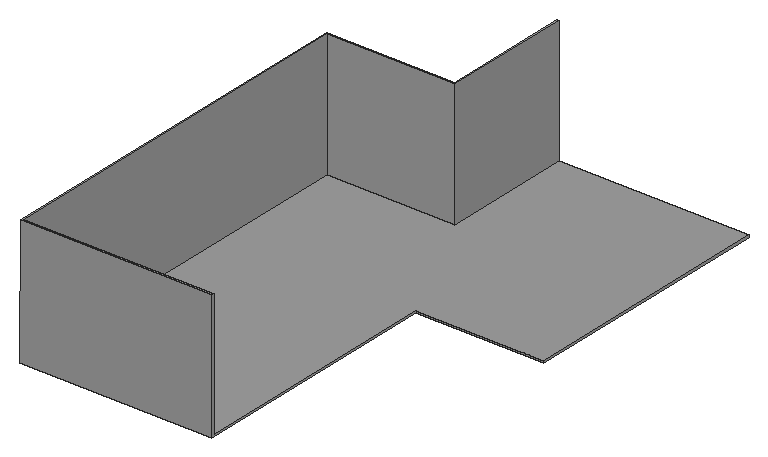
Revit family "Flashing_Preformed_Hyload_6x12Window", category Generic Models, Revit 2013
Parameters (values of type "As Specified")
  Unit Width = 1' - 0"
  Unit Height = 0' - 4"
  Unit Depth = 0' - 6"
  URL = "http://www.hyload.com/"
  Thickness = 0' - 0 1/16"
  Specification = "http://www.arcat.com/sdspecs/htm04/07_65_00hyl.htm"
  Sales Information = "http://www.hyload.com/contact-us"
  Revision = "R1_12-2015"
  Product Properties = "http://www.hyload.com/masonry-flashing/preformed-shapes/"
  Product Data = "http://www.arcat.com/arcatcos/cos33/arc33176.html"
  Model = "6x12 Window"
  Manufacturer Website = "http://www.hyload.com/"
  Manufacturer Phone - Toll Free = "800-457-4056"
  Manufacturer Phone = "330-769-3546"
  Manufacturer Fax = "330-769-4153"
  Manufacturer Address = "5020 Panther Pkwy., Seville, OH 44273"
  Manufacturer = "Hyload"
  Keynote = "07 65 00"
  Flashing Material = Hyload Flashing Membrane - Grey
  Drawn By = "Robert S. Weygant / Sumex Design"
  Description = "Preformed Hyload Masonry Flashing - 6x12 Window"
  Copyright = "(c) ARCAT, Inc, 2015"
  Construction Details = "http://www.arcat.com/details/hyload/hyload.html?coid=33176"
  Assembly Code = "B3010400"
Reference planes (in)
  plane 1 "Center (Front/Back)": y = 0
  plane 2: z = 0
  plane 3 "Center (Left/Right)": x = 0
  plane 4: y = 12
  plane 5: x = 6
  plane 6: z = 4
  plane 7: x = 10
  plane 8: y = 16
  plane 9: x = 4
Forms (in)
  Extrusion 1, solid, material "Hyload Flashing Membrane - Grey" <- "Flashing Material"
    sketch origin (0, 0, 0) x (1, 0, 0) y (0, 1, 0)
      loop
        line (0, 12) -> (0, 0) -> (6, 0) -> (6, 8) -> (10, 8) -> (10, 16) -> (4, 16) -> (4, 12) -> (0, 12)
    from 0 to 0.0625 <- "Thickness"
  Extrusion 2, solid, material "Hyload Flashing Membrane - Grey" <- "Flashing Material"
    sketch origin (0, 0, 0) x (1, 0, 0) y (0, 1, 0)
      loop
        line (0, 12) -> (0, 0) -> (6, 0) -> (6, 0.0625) -> (0.0625, 0.0625) -> (0.0625, 11.9375) -> (4.0625, 11.9375) -> (4.0625, 16) -> (4, 16) -> (4, 12) -> (0, 12)
    from 0 to 4 <- "Unit Height"
Cuts and joins
  joined: Extrusion 1, Extrusion 2
Dimensions and locks (in)
  "Unit Width": plane 1 "Center (Front/Back)" to plane 4
  "Unit Depth": plane 3 "Center (Left/Right)" to plane 5
  "Unit Height": plane 6 to level
  "Thickness": plane 1 "Center (Front/Back)" to Extrusion 2 sketch curve
  "Thickness": plane 3 "Center (Left/Right)" to Extrusion 2 sketch curve
  plane 3 "Center (Left/Right)" to Extrusion 2 = 0' - 6"
  "Thickness": plane 4 to Extrusion 2 sketch curve
  locked: plane 5 to plane 7 at 4
  plane 8 to plane 4 = 0' - 4"
  equal spacing: plane 8, Extrusion 1 sketch curve, plane 1 "Center (Front/Back)"
  plane 3 "Center (Left/Right)" to Extrusion 1 sketch curve = 0' - 4"
  "Thickness": Extrusion 2 sketch curve to Extrusion 2 sketch curve
  aligned and locked: plane 2 to level
  aligned and locked: Extrusion 1 sketch curve to plane 4
  aligned and locked: plane 3 "Center (Left/Right)" to Extrusion 1 sketch curve
  aligned and locked: Extrusion 1 sketch curve to plane 1 "Center (Front/Back)"
  aligned and locked: Extrusion 1 sketch curve to plane 5
  aligned and locked: plane 4 to Extrusion 2 sketch curve
  aligned and locked: Extrusion 2 sketch curve to plane 3 "Center (Left/Right)"
  aligned and locked: plane 1 "Center (Front/Back)" to Extrusion 2 sketch curve
  aligned and locked: plane 5 to Extrusion 2 sketch curve
  aligned and locked: Extrusion 2 to level
  aligned and locked: Extrusion 1 sketch curve to plane 8
  aligned and locked: Extrusion 1 sketch curve to plane 7
  aligned and locked: Extrusion 2 sketch curve to plane 8
  aligned and locked: Extrusion 2 sketch curve to cut or joined group of Extrusion 1, Extrusion 2
